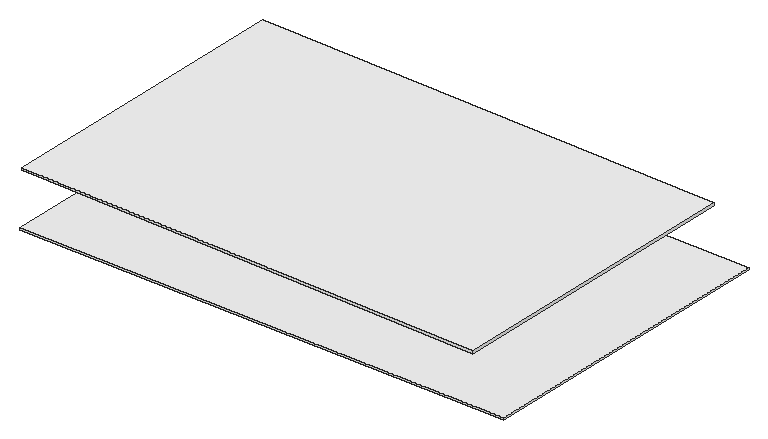
Revit family "CT_Blocos_Laje_Con_Dupla_Lisa", category Structural Framing, Revit 2025
Family settings
  Structural Framing Length Roundoff = 0.000 m
  Section Shape = Not Defined
  Material for Model Behavior = Other
  Always export as geometry = No
  OmniClass Number = 23.25.30.11.14.14
  OmniClass Title = Beams
  Always vertical = Yes
  Cut with Voids When Loaded = Yes
  Symbolic Representation = From Family
  Shared = No
  Show family pre-cut in plan views = Yes
Parameters (values of type "LAJ_012x130_BLC_CON_DUP_COB")
  Structural Material [instance] = CT_Concreto
  Material_Laje_Superior = CT_Concreto
  Material_Laje_Inferior = CT_Concreto
  H2 [instance] = 1.140 m
  Comprimento_Modulo_Superior [instance] = 7.380 m
  Comprimento_Modulo_Inferior [instance] = 7.500 m
  Assembly Code = ""
  Length [instance] = 11.920 m
  b = 0.120 m
  h = 1.300 m
Reference planes (m)
  plane 1 "Center (Front/Back)": y = 0
  plane 2: z = 0
  plane 3 "Center (Left/Right)": x = 5.20261
  plane 4: y = 0.06
  plane 5: y = -0.06
  plane 6: z = 1.3
  plane 7 "Left": x = -0.75739
  plane 8 "Right": x = 11.16261
  plane 9: z = 1.14
  plane 10: y = 7.5
  plane 11: y = 7.44
Forms (m)
  Extrusion 1, solid, material "CT_Concreto" <- "Material_Laje_Superior"
    sketch origin (0, 0, 0) x (1, 0, 0) y (0, 0, -1)
      loop
        line (10.32761, -1.091203) -> (-0.70739, -1.239323) -> (-0.70739, -1.299329) -> (10.32761, -1.151208) -> (10.32761, -1.091203)
    from 0.06 to 7.44
  Extrusion 2, solid, material "CT_Concreto" <- "Material_Laje_Inferior"
    sketch origin (0.205, 0, -0.541) x (1, 0, 0) y (0, 0, -1)
      loop
        line (-0.91239, -0.54) -> (10.92261, -0.54) -> (10.92261, -0.49) -> (-0.91239, -0.49) -> (-0.91239, -0.54)
    from 0 to 7.5
Dimensions and locks (m)
  "b": plane 4 to plane 5
  plane 2 to plane 6 = 1.300 m
  equal spacing: plane 4, plane 1 "Center (Front/Back)", plane 5
  "Length": plane 7 "Left" to plane 8 "Right"
  plane 7 "Left" to plane 8 "Right" = 11.920 m
  equal spacing: plane 7 "Left", plane 3 "Center (Left/Right)", plane 8 "Right"
  "h": plane 6 to plane 2
  "H2": plane 9 to level
  Extrusion 1 to Extrusion 2 = 7.440 m
  "Comprimento_Modulo_Inferior": plane 1 "Center (Front/Back)" to plane 10
  "Comprimento_Modulo_Superior": plane 4 to plane 11
  aligned and locked: Extrusion 1 to Extrusion 2
  aligned and locked: plane 10 to Extrusion 2
  aligned and locked: plane 1 "Center (Front/Back)" to Extrusion 2
  aligned and locked: Extrusion 1 to plane 4
  aligned and locked: plane 11 to Extrusion 1
Automatic sketch dimensions
  Extrusion 1 sketch curve to plane 7 "Left" = 0.050 m
  Extrusion 1 sketch curve to plane 9 = 0.011208 m
  plane 8 "Right" to Extrusion 1 sketch curve = 0.835 m
  plane 6 to Extrusion 1 sketch curve = 0.060677 m
  plane 6 to Extrusion 1 sketch curve = 0.000671 m
  plane 9 to Extrusion 1 sketch curve = 0.048797 m
  Extrusion 2 sketch curve to level = 0.051 m
  plane 8 "Right" to Extrusion 2 sketch curve = 11.870 m
  plane 8 "Right" to Extrusion 2 sketch curve = 0.035 m
  Extrusion 2 sketch curve to Extrusion 2 sketch curve = 0.050 m
